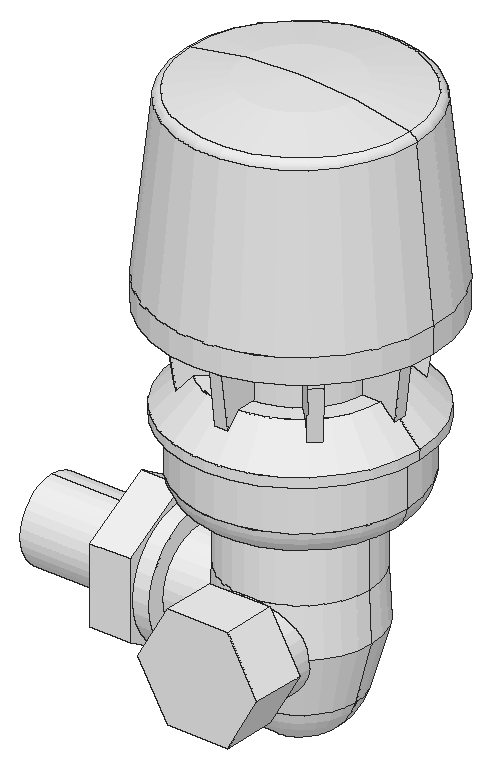
Revit family "1RA-DV_Double Angle_Right_DN10-15_RA2000_RFA", category Pipe Accessories, Revit 2019
Family settings
  Round Connector Dimension = Use Diameter
  Part Type = Valve - Breaks Into
  OmniClass Number = 23.65.55.14.17
  OmniClass Title = Adjusting/Controlling Valves for Liquid Services
  Work Plane-Based = No
  Always vertical = Yes
  Cut with Voids When Loaded = No
  Shared = No
Parameters (values of type "RA-DV_Double Angle_Right_DN10_RA2000_013G7717")
  Weight = 0.28 kg
  WB = 28 mm
  W [instance] = 56 mm
  Valve Body Material = Danfoss Nickel Plated Brass
  URL = "https://store.danfoss.com/en/Climate-Solutions-for-heating/Radiator-Thermostats/Radiator-Valves/Build-on-valves/c/6148?q=%3Arelevance%3Adanfoss_producttypehierarchydesc%3A5e0f6a1c7ba194dddd1f6958eb9630b89b1225a0&page=0&pageSize=20"
  TH8 = 3.85 mm
  TH7 = 3.75 mm
  TH6 = 13.324 mm
  TH5 = 1.826 mm
  TH4 = 7.354 mm
  TH3 = 6.008 mm
  TH2 = 5 mm
  TH1 = 9.942 mm
  Setting Range = "1-7,N"  # constant formula
  SA2 = 27 mm
  SA1 = 33.3 mm
  RT5 = 14.5 mm
  RT1 = 15.024 mm
  RR8 = 1 mm
  RR6 = 9.95 mm
  RR5 = 8.25 mm
  RR4 = 11.425 mm
  RR1 = 10.3 mm
  RR7 = 5.774 mm
  RL4 = 8.3 mm
  RL2 = 13.2 mm
  RL1 = 9.75 mm
  RB2 = 12.006 mm
  RB1 = 11.5 mm
  Pressure Drop [instance] = 0.0 Pa
  Model Type = "RA-DV_Double Angle_Right_DN10_RA2000"
  Model = "013G7717"
  Min Working Temperature = "2° C"  # constant formula
  Min Flow = "9 l/h"  # constant formula
  Min Differential Pressure = "0.1 bar"  # constant formula
  Max Working Temperature = "95° C"  # constant formula
  Max Operating Pressure = "10 bar"  # constant formula
  Max Flow = "130 l/h"  # constant formula
  Max Differential Pressure = "0.6 bar"  # constant formula
  Manufacturer = "Danfoss"  # constant formula
  LR2 = 11.033 mm
  LR1 = 15.967 mm
  LOD 350 = not(LOD 200)  # yes
  LOD 200 = no
  LL4 = 18.8 mm
  LL3 = 8.5 mm
  LL2 = 3.6 mm
  LL1 = 21.2 mm
  L [instance] = 80.1 mm
  IfcExportType = "RA-DV"  # constant formula
  IfcExportAs = "IfcValveType"  # constant formula
  HexR2 = 12.6 mm
  HexR1 = 15.6 mm
  Hex2 = 21.7 mm
  Hex = 27 mm
  H' [instance] = 122.468 mm
  H [instance] = 122.468 mm
  Flow [instance] = 0.0 L/s
  Description = "Thermostatic Radiator Valve"  # constant formula
  D = 10 mm
  BH2 = 8.731 mm
  BH1 = 12.273 mm
  Application = "2-Pipe System"  # constant formula
Types (3, lengths in mm): name | Weight | WB | W | SA2 | SA1 | RL4 | RL2 | RL1 | Model Type | Model | LR2 | LR1 | LL4 | LL3 | LL2 | LL1 | L | HexR2 | HexR1 | Hex2 | Hex | D
  (no name) | 0.28 kg | 28 | 56 | 27 | 33.3 | 8.3 | 13.2 | 9.75 | "RA-DV_Double Angle_Right_DN10_RA2000" | "013G7717" | 11.033 | 15.967 | 18.8 | 8.5 | 3.6 | 21.2 | 80.1 | 12.6 | 15.6 | 21.7 | 27 | 10
  RA-DV_Double Angle_Right_DN10_RA2000_013G7717 | 0.28 kg | 28 | 56 | 27 | 33.3 | 8.3 | 13.2 | 9.75 | "RA-DV_Double Angle_Right_DN10_RA2000" | "013G7717" | 11.033 | 15.967 | 18.8 | 8.5 | 3.6 | 21.2 | 80.1 | 12.6 | 15.6 | 21.7 | 27 | 10
  RA-DV_Double Angle_Right_DN15_RA2000_013G7719 | 0.33 kg | 33 | 61 | 33 | 36.7 | 10.5 | 14.8 | 11.3 | "RA-DV_Double Angle_Right_DN15_RA2000" | "013G7719" | 15 | 18 | 21.2 | 10 | 3.7 | 23 | 85.9 | 15.4 | 17.3 | 26.7 | 30 | 15
Reference planes
  plane 1 "Center (Front/Back)": y = 0
  plane 2: z = 0
  plane 3 "Center (Left/Right)": x = 0
  plane 4: x = -52.1
  plane 5: x = 9.194
  plane 6: y = 8.994
  plane 7: y = -27
  plane 8: z = 51.054
  plane 9: z = -21.004
  plane 10: x = -33.3
  plane 11 "left": x = -24.8
  plane 12: x = -21.2
  plane 13 "right": y = -15.967
  plane 14: z = 47.204
  plane 15: z = 43.454
  plane 16: z = 30.13
  plane 17: z = 28.304
  plane 18 "top": z = 20.95
  plane 19: z = 14.942
  plane 20: z = 9.942
  plane 21: z = -12.273
  plane 22: y = 28
  plane 23: x = 28
  plane 24 "Center L/S": z = 101.464
  plane 25: y = -28
Forms (mm)
  Revolve 1, solid, material "Danfoss Nickel Plated Brass" <- "Valve Body Material", detail levels fine
    sketch origin (0, 0, 0) x (1, 0, 0) y (0, 0, 1)
      loop
        line (-52.1, 8.3) -> (-52.1, 0) -> (-24.8, 0) -> (-24.8, 8.3) -> (-52.1, 8.3)
      axis (-24.8, 0) -> (-52.1, 0)
    angle from 0 to 360
  Revolve 2, solid, material "Danfoss Nickel Plated Brass" <- "Valve Body Material", visible <- "LOD 350", detail levels fine
    sketch origin (0, 0, 0) x (1, 0, 0) y (0, 0, 1)
      loop
        line (-24.8, 13.2) -> (-24.8, 0) -> (-21.2, 0) -> (-21.2, 13.2) -> (-24.8, 13.2)
      axis (-21.2, 0) -> (-24.8, 0)
    angle from 0 to 360
  Revolve 3, solid, material "Danfoss Nickel Plated Brass" <- "Valve Body Material", visible <- "LOD 200", detail levels fine
    sketch origin (0, 0, 0) x (1, 0, 0) y (0, 0, 1)
      loop
        line (-33.3, 15.6) -> (-33.3, 0) -> (-24.8, 0) -> (-24.8, 15.6) -> (-33.3, 15.6)
      axis (-24.8, 0) -> (-33.3, 0)
    angle from 0 to 360
  Revolve 4, solid, material "Danfoss Nickel Plated Brass" <- "Valve Body Material", detail levels fine
    sketch origin (0, 0, 0) x (1, 0, 0) y (0, 0, 1)
      loop
        line (-24.8, 0) -> (0, 0) -> (0, 9.75) -> (-24.8, 9.75) -> (-24.8, 0)
      axis (0, 0) -> (-24.8, 0)
    angle from 0 to 360
  Revolve 5, solid, material "Danfoss Nickel Plated Brass" <- "Valve Body Material", visible <- "LOD 350", detail levels fine
    sketch origin (0, 0, 0) x (1, 0, 0) y (0, 0, 1)
      loop
        line (0, 20.95) -> (0, -21.004)
        arc (0, -21.004) -> (7.209, -18.561) -> (11.5, -12.273) r 12.006
        line (11.5, -12.273) -> (15.024, 0) -> (14.5, 10) -> (14.5, 20.95) -> (0, 20.95)
      axis (0, -21.004) -> (0, 20.95)
    angle from 0 to 360
  Revolve 6, solid, material "Danfoss Nickel Plated Brass" <- "Valve Body Material", detail levels fine
    sketch origin (0, 0, 0) x (0, 1, 0) y (0, 0, 1)
      loop
        line (0, 10.3) -> (-15.967, 10.3) -> (-15.967, 0) -> (0, 0) -> (0, 10.3)
      axis (0, 0) -> (-15.967, 0)
    angle from 0 to 360
  Revolve 7, solid, material "Danfoss Nickel Plated Brass" <- "Valve Body Material", visible <- "LOD 200", detail levels fine
    sketch origin (0, 0, 0) x (0, 1, 0) y (0, 0, 1)
      loop
        line (-15.967, 12.6) -> (-27, 12.6) -> (-27, 0) -> (-15.967, 0) -> (-15.967, 12.6)
      axis (-15.967, 0) -> (-27, 0)
    angle from 0 to 360
  Revolve 8, solid, material "Danfoss Brass", detail levels fine
    sketch origin (0, 0, 0) x (1, 0, 0) y (0, 0, 1)
      loop
        line (0, 20.95) -> (11.425, 20.95) -> (11.425, 28.304) -> (8.25, 28.304) -> (8.25, 30.13) -> (9.95, 30.13) -> (9.95, 43.454) -> (5.774, 43.454) -> (5.774, 47.204) -> (1, 47.204) -> (1, 51.054) -> (0, 51.054) -> (0, 20.95)
      axis (0, 20.95) -> (0, 51.054)
    angle from 0 to 360
  Extrusion 9, solid, material "Danfoss Nickel Plated Brass" <- "Valve Body Material", visible <- "LOD 350", detail levels fine
    sketch origin (0, 0, 0) x (1, 0, 0) y (0, 0, 1)
      loop
        line (0, 0) -> (-24.8, 0) -> (-24.8, -0.957) -> (-10.199, -17.458)
        arc (-10.199, -17.458) -> (-6.04, -20.166) -> (-1.141, -20.959) r 12
        line (-1.141, -20.959) -> (0, -20.959) -> (0, 0)
    from -2 to 2
  Revolve 10, solid, material "Danfoss Nickel Plated Brass" <- "Valve Body Material", visible <- "LOD 200", detail levels fine
    sketch origin (0, 0, 0) x (1, 0, 0) y (0, 0, 1)
      loop
        line (0, 20.95) -> (0, -21.004)
        arc (0, -21.004) -> (10.624, -16.604) -> (15.024, -5.98) r 15.024
        line (15.024, -5.98) -> (15.024, 20.95) -> (0, 20.95)
      axis (0, 20.95) -> (0, -21.004)
    angle from 0 to 360
Dimensions and locks
  plane 8 to plane 9 = 72.058 mm
  "LR1": plane 1 "Center (Front/Back)" to plane 13 "right"
  "LR2": plane 13 "right" to plane 7
  "LL1": plane 3 "Center (Left/Right)" to plane 12
  "LL2": plane 12 to plane 11 "left"
  "LL3": plane 11 "left" to plane 10
  "LL4": plane 10 to plane 4
  "RL4": Revolve 1 sketch curve to level
  "RL2": Revolve 2 sketch curve to level
  "HexR1": Revolve 3 sketch curve to level
  "RL1": Revolve 4 sketch curve to level
  "TH1": plane 20 to level
  "TH2": plane 19 to plane 20
  "TH3": plane 18 "top" to plane 19
  "TH4": plane 17 to plane 18 "top"
  "TH5": plane 16 to plane 17
  "TH6": plane 15 to plane 16
  "TH7": plane 14 to plane 15
  "TH8": plane 8 to plane 14
  "BH1": level to plane 21
  "BH2": plane 21 to plane 9
  "RT5": Revolve 5 sketch curve to plane 3 "Center (Left/Right)"
  "RT1": Revolve 5 sketch curve to plane 3 "Center (Left/Right)"
  "RB1": Revolve 5 sketch curve to plane 3 "Center (Left/Right)"
  "RR1": Revolve 6 sketch curve to level
  "HexR2": Revolve 7 sketch curve to level
  "RR8": Revolve 8 sketch curve to plane 3 "Center (Left/Right)"
  "RR7": Revolve 8 sketch curve to plane 3 "Center (Left/Right)"
  "RR6": Revolve 8 sketch curve to plane 3 "Center (Left/Right)"
  "RR5": Revolve 8 sketch curve to plane 3 "Center (Left/Right)"
  "RR4": Revolve 8 sketch curve to plane 3 "Center (Left/Right)"
  locked: plane 3 "Center (Left/Right)" to plane 23 at 28
  locked: plane 22 to plane 1 "Center (Front/Back)" at 28
  locked: plane 24 "Center L/S" to plane 18 "top" at 80.514
  "H": plane 24 "Center L/S" to plane 9
  "RT1": nested 2 to Revolve 10 sketch curve
  "RT1": Revolve 10 sketch curve to plane 9
  "L": plane 23 to plane 4
  "WB": plane 25 to plane 1 "Center (Front/Back)"
  "W": plane 25 to plane 22
  "RB2": radius of Revolve 5 sketch curve
  "RT1": radius of Revolve 10 sketch curve
  aligned and locked: level to plane 2
  aligned and locked: plane 4 to Revolve 1 sketch curve
  aligned and locked: level to Revolve 1 sketch curve
  aligned and locked: plane 2 to Revolve 1 sketch curve
  aligned and locked: plane 11 "left" to Revolve 2 sketch curve
  aligned and locked: Revolve 2 sketch curve to plane 12
  aligned and locked: level to Revolve 2 sketch curve
  aligned and locked: plane 2 to Revolve 2 sketch curve
  aligned and locked: plane 10 to Revolve 3 sketch curve
  aligned and locked: Revolve 3 sketch curve to plane 11 "left"
  aligned and locked: level to Revolve 3 sketch curve
  aligned and locked: plane 2 to Revolve 3 sketch curve
  aligned and locked: plane 3 "Center (Left/Right)" to Revolve 4 sketch curve
  aligned and locked: Revolve 4 sketch curve to level
  aligned and locked: plane 2 to Revolve 4 sketch curve
  aligned and locked: Revolve 4 sketch curve to plane 11 "left"
  aligned and locked: Revolve 1 sketch curve to plane 11 "left"
  aligned and locked: plane 3 "Center (Left/Right)" to Revolve 5 sketch curve
  aligned and locked: Revolve 5 sketch curve to plane 3 "Center (Left/Right)"
  aligned and locked: plane 18 "top" to Revolve 5 sketch curve
  aligned and locked: plane 13 "right" to Revolve 6 sketch curve
  aligned and locked: plane 1 "Center (Front/Back)" to Revolve 6 sketch curve
  aligned and locked: level to Revolve 6 sketch curve  (x2)
  aligned and locked: plane 7 to Revolve 7 sketch curve
  aligned and locked: Revolve 7 sketch curve to plane 13 "right"
  aligned and locked: level to Revolve 7 sketch curve  (x2)
  aligned and locked: level to nested 1
  aligned and locked: level to nested 2
  aligned and locked: nested 2 to Revolve 4
  aligned and locked: plane 1 "Center (Front/Back)" to nested 1
  aligned and locked: plane 3 "Center (Left/Right)" to Revolve 8 sketch curve
  aligned and locked: Revolve 8 sketch curve to plane 8
  aligned and locked: Revolve 8 sketch curve to plane 14
  aligned and locked: Revolve 8 sketch curve to plane 15
  aligned and locked: Revolve 8 sketch curve to plane 16
  aligned and locked: Revolve 8 sketch curve to plane 17
  aligned and locked: Revolve 8 sketch curve to plane 18 "top"
  aligned and locked: plane 3 "Center (Left/Right)" to nested 3
  aligned and locked: plane 1 "Center (Front/Back)" to nested 3
  aligned and locked: Extrusion 9 sketch curve to plane 3 "Center (Left/Right)"
  aligned and locked: Extrusion 9 sketch curve to level
  aligned and locked: Extrusion 9 sketch curve to plane 11 "left"
  aligned and locked: plane 3 "Center (Left/Right)" to nested 4
  aligned and locked: plane 1 "Center (Front/Back)" to nested 4
  aligned and locked: Revolve 10 sketch curve to plane 3 "Center (Left/Right)"
  aligned and locked: Revolve 10 sketch curve to plane 18 "top"
  aligned and locked: nested 2 to Revolve 10 sketch curve
Automatic sketch dimensions
  plane 9 to Extrusion 9 sketch curve = 3.546 mm
  Extrusion 9 sketch curve to plane 3 "Center (Left/Right)" = 1.713 mm
  plane 21 to Extrusion 9 sketch curve = 3.3 mm
  Extrusion 9 sketch curve to level = 0.957 mm
  plane 9 to Extrusion 9 sketch curve = 0.045 mm
  Extrusion 9 sketch curve to plane 3 "Center (Left/Right)" = 1.141 mm
  Revolve 1 sketch curve to plane 4 = 35 mm
  Revolve 1 sketch curve to Revolve 1 sketch curve = 5 mm
  Revolve 2 sketch curve to plane 4 = 9.577 mm
  Revolve 2 sketch curve to Revolve 2 sketch curve = 5 mm
  Revolve 3 sketch curve to plane 4 = 12.192 mm
  Revolve 3 sketch curve to Revolve 3 sketch curve = 3.606 mm
  Revolve 4 sketch curve to plane 4 = 54.1 mm
  Revolve 4 sketch curve to Revolve 4 sketch curve = 6.623 mm
  Revolve 5 sketch curve to plane 9 = 0 mm
  Revolve 5 sketch curve to plane 21 = 0 mm
  level to Revolve 5 sketch curve = 0 mm
  plane 20 to Revolve 5 sketch curve = 0.058 mm
  plane 8 to Revolve 5 sketch curve = 25 mm
  Revolve 5 sketch curve to Revolve 5 sketch curve = 10 mm
  plane 6 to Revolve 6 sketch curve = 7.781 mm
  Revolve 6 sketch curve to Revolve 6 sketch curve = 5 mm
  plane 25 to Revolve 7 sketch curve = 14.805 mm
  Revolve 7 sketch curve to Revolve 7 sketch curve = 5 mm
  Revolve 8 sketch curve to plane 3 "Center (Left/Right)" = 0 mm
  Revolve 8 sketch curve to Revolve 8 sketch curve = 5 mm
  Revolve 8 sketch curve to Revolve 8 sketch curve = 3.788 mm
  Revolve 10 sketch curve to plane 9 = 7.748 mm
  Revolve 10 sketch curve to Revolve 10 sketch curve = 3.304 mm
Nested families
  nested 1: "Hexagon" at (-24.8, 0, 0) x (0, 0, 1) z (-1, 0, 0), h <- "LL3", a <- "Hex", visible <- "LOD 350", Body Material <- "Valve Body Material", type "Hexagon"
    with h 8.5 mm, b 13.5 mm, a 27 mm, Body Material Danfoss Nickel Plated Brass
  nested 2: "Hexagon" at (0, -15.967, 0) x (-1, 0, 0) z (0, -1, 0), h <- "LR2", a <- "Hex2", visible <- "LOD 350", Body Material <- "Valve Body Material", type "Hexagon"
    with h 11.033 mm, b 10.85 mm, a 21.7 mm, Body Material Danfoss Nickel Plated Brass
  nested 3: "RA2000_RFA" at (0, 0, 20.95), type "RA2000"
    with LOD 350 yes, LOD 200 no
  nested 4: "Double Angle Schematic" at (0, 0, 0), a <- "SA1", b <- "SA1", a' <- "SA2", l <- "SA1", type "Left"
    with l 33.3 mm, b 33.3 mm, a2 16.65 mm, a' 27 mm, a 33.3 mm
Connectors
  piping at (-33.3, 0, 0), diameter 10, driven by "D", driven by "Flow"
    settings: on nested 1, index 1, connector inside diameter 609.6 mm, connector length 0 mm, flow factor 0, pipe flow 0.0 L/s, pressure drop 0.0 Pa, fitting loss kfactor 0, connector angle 0.00°, fixture units 0, engagement length 0 mm, angle of deflection 0.00°, flow configuration 0, flow direction 0, fitting loss method 0, system type 29, joint type 0, gender type 0, connector reference index 2, connector utility 0, adjustable connector no, is connector primary yes, connector description ""
  piping at (0, -27, 0), diameter 10, driven by "D", driven by "Flow"
    settings: on nested 2, index 2, connector inside diameter 609.6 mm, connector length 0 mm, flow factor 0, pipe flow 0.0 L/s, pressure drop 0.0 Pa, fitting loss kfactor 0, connector angle 0.00°, fixture units 0, engagement length 0 mm, angle of deflection 0.00°, flow configuration 0, flow direction 0, fitting loss method 0, system type 29, joint type 0, gender type 0, connector reference index 1, connector utility 0, adjustable connector no, is connector primary no, connector description ""
Definition of nested family "Hexagon"
  Parameters (values of type "Hexagon")
    h [instance] = 4 mm
    b [instance] = a / 2  # 10 mm
    a [instance] = 20 mm
    Default Elevation = 1219.2 mm
    Body Material [instance] = none
  Reference planes
    plane 1 "Center (Front/Back)": y = 0
    plane 2: z = 0
    plane 3 "Center (Left/Right)": x = 0
    plane 4: z = 4
  Forms (mm)
    Extrusion 1, solid
      sketch origin (0, 0, 0) x (1, 0, 0) y (0, 1, 0)
        loop
          line (-1219.2, 1219.2) -> (-1219.2, -1219.2) -> (1219.2, -1219.2) -> (1219.2, 1219.2) -> (-1219.2, 1219.2)
      from 0 to -304.8
    Extrusion 2, solid, material <- "Body Material", detail levels fine
      sketch origin (0, 0, 0) x (1, 0, 0) y (0, 1, 0)
        loop
          line (5.774, 10) -> (-5.774, 10) -> (-11.547, 0) -> (-5.774, -10) -> (5.774, -10) -> (11.547, 0) -> (5.774, 10)
      from 0 to 4
  Lines and regions (mm)
    reference lines
      curve 1: line (125, -216.506, 0) -> (-125, 216.506, 0)
      curve 2: line (-125, -216.506, 0) -> (125, 216.506, 0)
  Dimensions and locks
    "h": plane 4 to level
    "b": curve 1 to Extrusion 2 sketch curve
    "b": Extrusion 2 sketch curve to curve 1
    "b": Extrusion 2 sketch curve to curve 2  (x2)
    "b": plane 1 "Center (Front/Back)" to Extrusion 2 sketch curve
    "b": Extrusion 2 sketch curve to plane 1 "Center (Front/Back)"
    aligned and locked: plane 2 to Extrusion 1
    aligned and locked: level to Extrusion 1
    aligned and locked: plane 4 to Extrusion 2
  Automatic sketch dimensions
    Extrusion 1 sketch curve to Extrusion 1 sketch curve = 2438.4 mm  (x2)
    curve 1 to plane 3 "Center (Left/Right)" = 125 mm
    plane 1 "Center (Front/Back)" to curve 2 = 216.506 mm
    curve 2 to plane 3 "Center (Left/Right)" = 125 mm
    plane 3 "Center (Left/Right)" to curve 2 = 125 mm
    plane 3 "Center (Left/Right)" to curve 1 = 125 mm
    plane 1 "Center (Front/Back)" to curve 1 = 216.506 mm
    curve 2 to plane 1 "Center (Front/Back)" = 216.506 mm
    curve 1 to plane 1 "Center (Front/Back)" = 216.506 mm
Definition of nested family "RA2000_RFA"
  Parameters (values of type "RA2000")
    Weight = 0.15 kg
    Valve Body Material = none
    URL = "https://store.danfoss.com/en/Climate-Solutions-for-heating/Radiator-Thermostats/Radiator-Sensors/Room-sensor-mTRV/c/6177?q=%3Arelevance%3Adanfoss_producttypehierarchydesc%3A91f17560796ffb96d02bd8836eea2a51c5c4a42b&page=0&pageSize=20"
    Model Type = "RA2000"  # constant formula
    Manufacturer = "Danfoss"  # constant formula
    LOD 350 [instance] = not(LOD 200)  # yes
    LOD 200 [instance] = no
    IfcExportType = "RA2000"  # constant formula
    IfcExportAs = "IfcActuatorType"  # constant formula
    Description = "Radiator Sensor"  # constant formula
    Default Elevation = 0 mm
    Application = "Gas Sensor"  # constant formula
  Reference planes
    plane 1 "Center (Front/Back)": y = 0
    plane 2: z = 0
    plane 3 "Center (Left/Right)": x = 0
    plane 4: x = -22.432
    plane 5: x = 22.432
  Forms (mm)
    Extrusion 1, solid
      sketch origin (0, 0, 0) x (1, 0, 0) y (0, 1, 0)
        loop
          line (-1219.2, 1219.2) -> (-1219.2, -1219.2) -> (1219.2, -1219.2) -> (1219.2, 1219.2) -> (-1219.2, 1219.2)
      from 0 to -304.8
    Revolve 2, solid, material <- "Valve Body Material", visible <- "LOD 350", detail levels fine
      sketch origin (0, 0, 0) x (1, 0, 0) y (0, 0, 1)
        loop
          line (-14.02, 38) -> (-14.02, 26) -> (-18, 26) -> (-25, 19) -> (-25, 17) -> (-22.432, 17) -> (-22.432, 7.026)
          arc (-22.432, 7.026) -> (-20.092, 2.717) -> (-15.5, 1) r 7
          line (-15.5, 1) -> (-13.5, 1) -> (-12.923, 0) -> (0, 0) -> (0, 80.514)
          arc (0, 80.514) -> (-11.554, 79.844) -> (-22.952, 77.844) r 100
          arc (-22.952, 77.844) -> (-23.897, 77.3) -> (-24.386, 76.327) r 1.899
          arc (-24.386, 76.327) -> (-26.745, 59.832) -> (-28, 43.216) r 249.918
          line (-28, 43.216) -> (-28, 38) -> (-14.02, 38)
        axis (0, 0) -> (0, 80.514)
      angle from 0 to 360
    Extrusion 3, solid, material <- "Valve Body Material", visible <- "LOD 350", detail levels fine
      sketch origin (0, 0, 0) x (1, 0, 0) y (0, 0, 1)
        loop
          line (-22.115, 34) -> (-20.717, 23.246) -> (-17.957, 26) -> (17.957, 26) -> (20.717, 23.246) -> (22.115, 34) -> (22.15, 38) -> (-22.15, 38) -> (-22.115, 34)
      from 1.3 to -1.3
    Extrusion 4, solid, material <- "Valve Body Material", visible <- "LOD 350", detail levels fine
      sketch origin (0, 0, 0) x (0, 1, 0) y (0, 0, -1)
        loop
          line (-22.115, -34) -> (-22.15, -38) -> (22.15, -38) -> (22.115, -34) -> (20.717, -23.246) -> (17.957, -26) -> (-17.957, -26) -> (-20.717, -23.246) -> (-22.115, -34)
      from 1.3 to -1.3
    Extrusion 5, solid, material <- "Valve Body Material", visible <- "LOD 350", detail levels fine
      sketch origin (0, 0, 0) x (0.707107, 0.707107, 0) y (0, 0, 1)
        loop
          line (-22.115, 34) -> (-20.717, 23.246) -> (-17.957, 26) -> (17.957, 26) -> (20.717, 23.246) -> (22.115, 34) -> (22.15, 38) -> (-22.15, 38) -> (-22.115, 34)
      from 1.3 to -1.3
    Extrusion 6, solid, material <- "Valve Body Material", visible <- "LOD 350", detail levels fine
      sketch origin (0, 0, 0) x (-0.707107, 0.707107, 0) y (0, 0, -1)
        loop
          line (-22.115, -34) -> (-22.15, -38) -> (22.15, -38) -> (22.115, -34) -> (20.717, -23.246) -> (17.957, -26) -> (-17.957, -26) -> (-20.717, -23.246) -> (-22.115, -34)
      from 1.3 to -1.3
    Revolve 7, solid, material <- "Valve Body Material", visible <- "LOD 200", detail levels fine
      sketch origin (0, 0, 0) x (1, 0, 0) y (0, 0, 1)
        loop
          line (-20.717, 38) -> (-20.717, 23.246) -> (0, 23.246) -> (0, 38) -> (-20.717, 38)
        axis (0, 38) -> (0, 23.246)
      angle from 0 to 360
    Revolve 8, solid, material <- "Valve Body Material", visible <- "LOD 200", detail levels fine
      sketch origin (0, 0, 0) x (1, 0, 0) y (0, 0, 1)
        loop
          line (-14.02, 38) -> (-14.02, 26) -> (-18, 26) -> (-25, 19) -> (-22.432, 1) -> (-13.5, 1) -> (-12.923, 0) -> (0, 0) -> (0, 80.514) -> (-23.897, 77.3) -> (-28, 43.216) -> (-28, 38) -> (-14.02, 38)
        axis (0, 0) -> (0, 80.514)
      angle from 0 to 360
  Lines and regions (mm)
    Split face 1
      outline origin (-1.3, 0, 0) x (0, 1, 0) y (0, 0, -1)
        loop
          line (-22.115, -34) -> (-18.615, -34) -> (-18.615, -38)
    Split face 2
      outline origin (1.3, 0, 0) x (0, 1, 0) y (0, 0, -1)
        loop
          line (-22.115, -34) -> (-18.615, -34) -> (-18.615, -38)
  Dimensions and locks
    aligned and locked: plane 2 to Extrusion 1
    aligned and locked: level to Extrusion 1
    aligned and locked: plane 3 "Center (Left/Right)" to Revolve 2 sketch curve
    aligned and locked: Revolve 7 sketch curve to plane 3 "Center (Left/Right)"
Definition of nested family "Double Angle Schematic"
  Parameters (values of type "Left")
    l [instance] = 60 mm
    b [instance] = 70 mm
    a2 [instance] = b / 2  # 35 mm
    a' [instance] = 60 mm
    a [instance] = 60 mm
    Right = no
    Left = yes
  Types (3, lengths in mm): name | b | a2 | Right | Left
    (no name) | 70 | 35 | no | yes
    Right | 60 | 30 | yes | no
    Left | 70 | 35 | no | yes
  Reference planes
    plane 1 "Center (Front/Back)": y = 0
    plane 2: z = 0
    plane 3 "Center (Left/Right)": x = 0
    plane 4: z = -35
  Lines and regions (mm)
    symbolic lines
      curve 1: line (0, 0, -35) -> (0, 0, 0)
  Dimensions and locks
    "a2": level to plane 4
    aligned and locked: level to plane 2
    aligned and locked: nested 3 to plane 3 "Center (Left/Right)"
    aligned and locked: plane 3 "Center (Left/Right)" to nested 1
    aligned and locked: nested 2 to plane 3 "Center (Left/Right)"
    aligned and locked: nested 2 to plane 1 "Center (Front/Back)"
    aligned and locked: plane 3 "Center (Left/Right)" to nested 4
    aligned and locked: plane 1 "Center (Front/Back)" to nested 4
    aligned and locked: plane 3 "Center (Left/Right)" to nested 5
    aligned and locked: level to nested 5
    aligned and locked: level to nested 7
    aligned and locked: plane 1 "Center (Front/Back)" to nested 7
    aligned and locked: plane 3 "Center (Left/Right)" to curve 1
    aligned and locked: plane 2 to curve 1
    aligned and locked: plane 4 to curve 1
  Nested families
    nested 1: "Schematic_2" at (0, 0, 0) x (0, 1, 0) z (0, 0, 1), a <- "a", b <- "b", visible <- "Left", type "Schematic_2"
      with plan on/off yes, elevation on/off no, b 70 mm, a 60 mm
    nested 2: "Schematic_2" at (0, 0, 0) x (-1, 0, 0) z (0, 0, 1), a <- "a'", b <- "b", type "Schematic_2"
      with plan on/off yes, elevation on/off no, b 70 mm, a 60 mm
    nested 3: "Schematic_2" at (0, 0, 0) x (0, -1, 0) z (0, 0, 1), a <- "a", b <- "b", visible <- "Right", type "Schematic_2"
      with plan on/off yes, elevation on/off no, b 70 mm, a 60 mm
    nested 4: "Schematic_1" at (0, 0, 0), a <- "a", b <- "l", type "Schematic_1"
      with b 60 mm, a 60 mm, Plan no, Elevation yes
    nested 5: "Schematic_2" at (0, 0, 0) x (0, 0, 1) z (0, -1, 0), a <- "a'", b <- "b", type "Schematic_2"
      with plan on/off no, elevation on/off yes, b 70 mm, a 60 mm
    nested 6: "Schematic_2" at (0, 0, 0) x (0, 0, -1) z (1, 0, 0), a <- "a", b <- "b", visible <- "Right", type "Schematic_2"
      with plan on/off no, elevation on/off yes, b 70 mm, a 60 mm
    nested 7: "Schematic_2" at (0, 0, 0) x (0, 0, 1) z (-1, 0, 0), a <- "a", b <- "b", visible <- "Left", type "Schematic_2"
      with plan on/off no, elevation on/off yes, b 70 mm, a 60 mm
  Definition of nested family "Schematic_2"
    Parameters (values of type "Schematic_2")
      plan on/off [instance] = yes
      elevation on/off [instance] = yes
      b [instance] = 80 mm
      a [instance] = 80 mm
      Default Elevation = 1219.2 mm
    Reference planes
      plane 1 "Center (Front/Back)": y = 0
      plane 2: z = 0
      plane 3 "Center (Left/Right)": x = 0
      plane 4: y = 80
      plane 5: x = -40
      plane 6: x = 40
      plane 7: z = 80
    Lines and regions (mm)
      symbolic lines, visible <- "plan on/off", detail levels coarse+medium
        curve 1: line (-40, 80, 0) -> (40, 80, 0)
        curve 2: line (40, 80, 0) -> (0, 0, 0)
        curve 3: line (0, 0, 0) -> (-40, 80, 0)
      model lines, visible <- "elevation on/off", detail levels coarse+medium
        curve 4: line (-40, 0, 80) -> (40, 0, 80)
        curve 5: line (40, 0, 80) -> (0, 0, 0)
        curve 6: line (0, 0, 0) -> (-40, 0, 80)
    Dimensions and locks
      equal spacing: plane 5, plane 3 "Center (Left/Right)", plane 6
      "b": plane 5 to plane 6
      "a": plane 4 to plane 1 "Center (Front/Back)"
      "a": plane 7 to level
      aligned and locked: level to plane 2
    Automatic sketch dimensions
      curve 3 to plane 5 = 0 mm
      curve 1 to plane 4 = 0 mm
      plane 1 "Center (Front/Back)" to curve 2 = 0 mm
      curve 2 to plane 3 "Center (Left/Right)" = 0 mm
      curve 2 to plane 6 = 0 mm
      curve 6 to plane 5 = 0 mm
      curve 6 to level = 0 mm
      curve 6 to plane 3 "Center (Left/Right)" = 0 mm
      curve 5 to plane 6 = 0 mm
      curve 6 to plane 7 = 0 mm
  Definition of nested family "Schematic_1"
    Parameters (values of type "Schematic_1")
      b [instance] = 80 mm
      a [instance] = 100 mm
      Plan [instance] = yes
      Elevation [instance] = yes
      Default Elevation = 1219.2 mm
    Reference planes
      plane 1 "Center (Front/Back)": y = 0
      plane 2: z = 0
      plane 3 "Center (Left/Right)": x = 0
      plane 4: y = 80
      plane 5: x = -50
      plane 6: x = 50
      plane 7: y = 180
      plane 8: z = 80
      plane 9: z = 180
    Lines and regions (mm)
      symbolic lines, visible <- "Plan", detail levels coarse+medium
        curve 1: line (-50, 80, 0) -> (50, 80, 0)
        curve 2: line (-50, 180, 0) -> (-50, 80, 0)
        curve 3: line (50, 180, 0) -> (-50, 180, 0)
        curve 4: line (50, 80, 0) -> (50, 180, 0)
        curve 5: line (0, 80, 0) -> (0, 0, 0)
      model lines, visible <- "Elevation", detail levels coarse+medium
        curve 6: line (0, 0, 0) -> (0, 0, 80)
        curve 7: line (-50, 0, 180) -> (50, 0, 180)
        curve 8: line (-50, 0, 80) -> (-50, 0, 180)
        curve 9: line (50, 0, 80) -> (-50, 0, 80)
        curve 10: line (50, 0, 180) -> (50, 0, 80)
    Dimensions and locks
      equal spacing: plane 5, plane 3 "Center (Left/Right)", plane 6
      "b": plane 4 to plane 1 "Center (Front/Back)"
      "a": plane 5 to plane 6
      "a": plane 7 to plane 4
      "b": plane 8 to level
      "a": plane 9 to plane 8
      aligned and locked: level to plane 2
      aligned and locked: curve 7 to plane 9
      aligned and locked: plane 5 to curve 8
      aligned and locked: plane 8 to curve 9
      aligned and locked: curve 10 to plane 6
      aligned and locked: plane 3 "Center (Left/Right)" to curve 6
      aligned and locked: plane 8 to curve 6
      aligned and locked: level to curve 6
    Automatic sketch dimensions
      curve 5 to plane 3 "Center (Left/Right)" = 0 mm
      plane 1 "Center (Front/Back)" to curve 5 = 0 mm
      curve 1 to plane 4 = 0 mm
      curve 1 to plane 5 = 0 mm
      curve 4 to plane 6 = 0 mm
      curve 5 to plane 4 = 0 mm
      curve 4 to plane 7 = 0 mm
